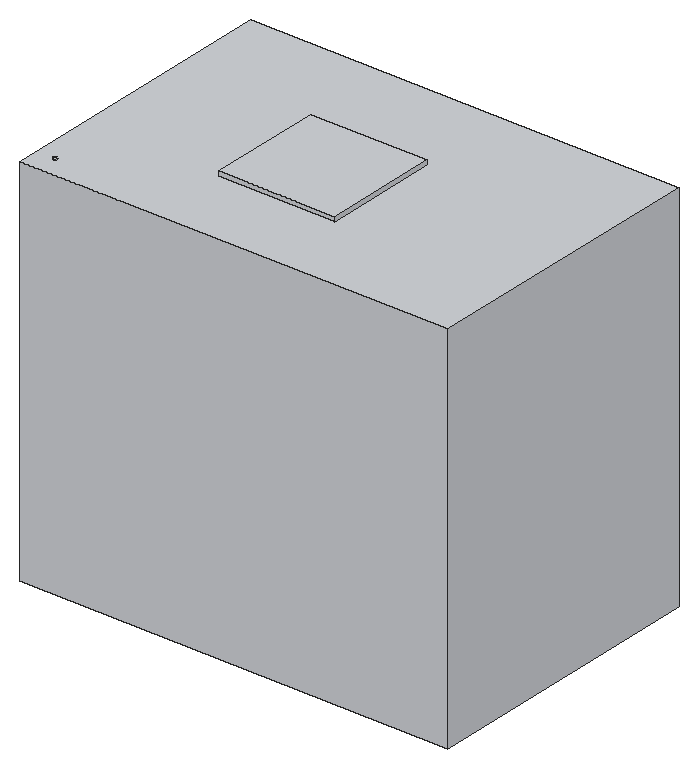
Revit family "ce8bcd05fdd8495f80f77c7297ea9ccf", category Mechanical Equipment, Revit 2021
Family settings
  Round Connector Dimension = Use Radius
  Part Type = Normal
  OmniClass Number = 23.75.10.24.21.27.11
  OmniClass Title = Packaged Air Conditioners
  Seek Item ID = Air Conditioner - Vertical Packaged - Air Cooled - 20-60 Tons-0000-USA-ENU
  Work Plane-Based = No
  Always vertical = Yes
  Cut with Voids When Loaded = No
  Shared = No
  Room Calculation Point = No
Parameters (values of type "35 Tons")
  Voltage = 460 V
  Outlet Radius = 9/16"
  Outlet Diameter = Outlet Radius * 2  # 1 1/8"
  Number of Poles = 3
  Material = none
  Load Classification = Cooling
  Inlet Radius = 7/16"
  Inlet Diameter = Inlet Radius * 2  # 7/8"
  Duct Width 2 = 82 5/8"
  Duct Width 1 = 26 51/256"
  Duct Height 2 = 58 1/2"
  Duct Height 1 = 25 205/256"
  Default Elevation = 0' - 0"
  Conditioner Width = 5' - 5"
  Conditioner Length = 8' - 0 3/8"
  Conditioner Height = 7' - 0 5/8"
  Condensate Radius = 5/8"
  Condensate Diameter = Condensate Radius * 2  # 1 1/4"
  C8 Offset 2 = 1' - 11 1/2"
  C8 Offset 1 = 0' - 8"
  C7 Offset 2 = 1' - 9 77/256"
  C7 Offset 1 = 2' - 6 1/2"
  C6 Offset 2 = 0' - 4 3/4"
  C6 Offset 1 = 0' - 4"
  C5 Offset 1 = 3' - 5 7/8"
  C4 Offset 1 = 3' - 2 7/8"
  C3 Offset 1 = 2' - 11 3/8"
  C2 Offset 2 = 0' - 3"
  C2 Offset 1 = 2' - 5 3/8"
  C1 Offset 2 = 1' - 0 1/8"
  C1 Offset 1 = 0' - 5"
  Apparent Load = 14914 VA
  Air Flow [instance] = 15200 CFM
Types (9): name | Duct Width 2 | Duct Width 1 | Duct Height 2 | Duct Height 1 | Conditioner Width | Conditioner Length | Conditioner Height | C8 Offset 2 | C7 Offset 2 | C7 Offset 1 | C6 Offset 2 | C6 Offset 1 | C5 Offset 1 | C4 Offset 1 | C3 Offset 1 | C2 Offset 1 | C1 Offset 2 | C1 Offset 1 | Apparent Load | Air Flow
  (no name) | 82 5/8" | 26 51/256" | 58 1/2" | 25 205/256" | 5' - 5" | 8' - 0 3/8" | 7' - 0 5/8" | 1' - 11 1/2" | 1' - 9 77/256" | 2' - 6 1/2" | 0' - 4 3/4" | 0' - 4" | 3' - 5 7/8" | 3' - 2 7/8" | 2' - 11 3/8" | 2' - 5 3/8" | 1' - 0 1/8" | 0' - 5" | 14914 VA | 15200 CFM
  20 Tons | 82 5/8" | 23 205/256" | 58 1/2" | 22 51/128" | 5' - 5" | 8' - 0 3/8" | 7' - 0 5/8" | 1' - 11 1/2" | 2' - 3" | 2' - 7 1/2" | 0' - 4 3/4" | 0' - 4" | 3' - 5 7/8" | 3' - 2 7/8" | 2' - 11 3/8" | 2' - 5 3/8" | 1' - 0 1/8" | 0' - 5" | 14914 VA | 10000 CFM
  40 Tons | 105 1/8" | 33" | 71 1/8" | 31 1/2" | 6' - 8 3/8" | 10' - 0 1/2" | 7' - 4" | 1' - 2 1/4" | 2' - 7 1/2" | 3' - 7 205/256" | 0' - 5 1/2" | 0' - 4 3/4" | 3' - 10 5/8" | 3' - 6 3/4" | 3' - 2 5/8" | 3' - 0 5/8" | 0' - 9 1/4" | 0' - 6" | 22371 VA | 18400 CFM
  25 Tons | 82 5/8" | 23 1/2" | 58 1/2" | 20 51/128" | 5' - 5" | 8' - 0 3/8" | 7' - 0 5/8" | 1' - 11 1/2" | 1' - 11 51/256" | 2' - 7 1/2" | 0' - 4 3/4" | 0' - 4" | 3' - 5 7/8" | 3' - 2 7/8" | 2' - 11 3/8" | 2' - 5 3/8" | 1' - 0 1/8" | 0' - 5" | 14914 VA | 11600 CFM
  29 Tons | 82 5/8" | 23 1/2" | 58 1/2" | 20 51/128" | 5' - 5" | 8' - 0 3/8" | 7' - 0 5/8" | 1' - 11 1/2" | 1' - 11 51/256" | 2' - 7 115/128" | 0' - 4 3/4" | 0' - 4" | 3' - 5 7/8" | 3' - 2 7/8" | 2' - 11 3/8" | 2' - 5 3/8" | 1' - 0 1/8" | 0' - 5" | 14914 VA | 12800 CFM
  30 Tons | 82 5/8" | 26 51/256" | 58 1/2" | 25 205/256" | 5' - 5" | 8' - 0 3/8" | 7' - 0 5/8" | 1' - 11 1/2" | 1' - 9 77/256" | 2' - 6 1/2" | 0' - 4 3/4" | 0' - 4" | 3' - 5 7/8" | 3' - 2 7/8" | 2' - 11 3/8" | 2' - 5 3/8" | 1' - 0 1/8" | 0' - 5" | 14914 VA | 14000 CFM
  35 Tons | 82 5/8" | 26 51/256" | 58 1/2" | 25 205/256" | 5' - 5" | 8' - 0 3/8" | 7' - 0 5/8" | 1' - 11 1/2" | 1' - 9 77/256" | 2' - 6 1/2" | 0' - 4 3/4" | 0' - 4" | 3' - 5 7/8" | 3' - 2 7/8" | 2' - 11 3/8" | 2' - 5 3/8" | 1' - 0 1/8" | 0' - 5" | 14914 VA | 15200 CFM
  50 Tons | 105 1/8" | 33" | 71 1/8" | 31 1/2" | 6' - 8 3/8" | 10' - 0 1/2" | 7' - 4" | 1' - 2 1/4" | 2' - 7 1/2" | 3' - 7 205/256" | 0' - 5 1/2" | 0' - 4 3/4" | 3' - 10 5/8" | 3' - 6 3/4" | 3' - 2 5/8" | 3' - 0 5/8" | 0' - 9 1/4" | 0' - 6" | 22371 VA | 23200 CFM
  60 Tons | 105 1/8" | 33 1/2" | 71 1/8" | 34 1/2" | 6' - 8 3/8" | 10' - 0 1/2" | 7' - 4" | 1' - 2 1/4" | 2' - 4 77/128" | 3' - 7 1/2" | 0' - 5 1/2" | 0' - 4 3/4" | 3' - 10 5/8" | 3' - 6 3/4" | 3' - 2 5/8" | 3' - 0 5/8" | 0' - 9 1/4" | 0' - 6" | 22371 VA | 29800 CFM
Reference planes (in)
  plane 1 "Center (Front/Back)": y = 0
  plane 2: z = 0
  plane 3 "Center (Left/Right)": x = 0
  plane 4: y = 65
  plane 5: x = 96.375
  plane 6: z = 84.625
  plane 7: z = 12.125
  plane 8: y = 60
  plane 9: z = 3
  plane 10: y = 35.625
  plane 11: y = 29.625
  plane 12: y = 26.125
  plane 13: y = 23.125
  plane 14: x = -1
  plane 15: y = 4.75
  plane 16: x = 4
  plane 17: z = 83.625
  plane 18: x = 30.5
  plane 19: x = 56.69922
  plane 20: y = 43.69922
  plane 21: y = 17.89844
  plane 22: z = 85.625
Forms (in)
  Extrusion 1, solid, material <- "Material"
    sketch origin (0, 0, 0) x (1, 0, 0) y (0, 1, 0)
      loop
        line (0, 65) -> (0, 0) -> (96.375, 0) -> (96.375, 65) -> (0, 65)
    from 0 to 84.625
  Extrusion 2, solid, material <- "Material"
    sketch origin (0, 0, 0) x (0, 1, 0) y (0, 0, 1)
      loop
        circle (60, 12.125) r 0.625
    from -1 to 0
  Extrusion 3, solid, material <- "Material"
    sketch origin (0, 0, 0) x (0, 1, 0) y (0, 0, 1)
      loop
        circle (35.625, 3) r 0.4375
    from -1 to 0
  Extrusion 4, solid, material <- "Material"
    sketch origin (0, 0, 0) x (0, 1, 0) y (0, 0, 1)
      loop
        circle (29.625, 3) r 0.5625
    from -1 to 0
  Extrusion 5, solid, material <- "Material"
    sketch origin (0, 0, 0) x (0, 1, 0) y (0, 0, 1)
      loop
        circle (26.125, 3) r 0.4375
    from -1 to 0
  Extrusion 6, solid, material <- "Material"
    sketch origin (0, 0, 0) x (0, 1, 0) y (0, 0, 1)
      loop
        circle (23.125, 3) r 0.5625
    from -1 to 0
  Extrusion 7, solid, material <- "Material"
    sketch origin (0, 0, 0) x (1, 0, 0) y (0, 1, 0)
      loop
        circle (4, 4.75) r 0.5
    from 83.625 to 84.625
  Extrusion 8, solid
    sketch origin (0, 0, 0) x (1, 0, 0) y (0, 1, 0)
      loop
        line (30.5, 43.69922) -> (30.5, 17.89844) -> (56.69922, 17.89844) -> (56.69922, 43.69922) -> (30.5, 43.69922)
    from 84.625 to 85.625
  Extrusion 9, solid
    sketch origin (-29.32328, 65, 48) x (-1, 0, 0) y (0, 0, 1)
      loop
        line (-119.94828, 34) -> (-119.94828, -24.5) -> (-37.32328, -24.5) -> (-37.32328, 34) -> (-119.94828, 34)
    from 0 to 1
Dimensions and locks (in)
  "Conditioner Length": plane 3 "Center (Left/Right)" to plane 5
  "Conditioner Height": plane 6 to plane 2
  "C1 Offset 1": plane 4 to plane 8
  "C1 Offset 2": plane 7 to plane 2
  "C2 Offset 2": plane 9 to plane 2
  "C2 Offset 1": plane 4 to plane 10
  "C3 Offset 1": plane 4 to plane 11
  "C4 Offset 1": plane 4 to plane 12
  "C5 Offset 1": plane 4 to plane 13
  locked: plane 14 to plane 3 "Center (Left/Right)" at 1
  "C6 Offset 1": plane 3 "Center (Left/Right)" to plane 16
  "C6 Offset 2": plane 15 to plane 1 "Center (Front/Back)"
  locked: plane 6 to plane 17 at 1
  "C7 Offset 1": plane 3 "Center (Left/Right)" to plane 18
  "Duct Width 1": plane 18 to plane 19
  "Conditioner Width": plane 1 "Center (Front/Back)" to plane 4
  "C7 Offset 2": plane 4 to plane 20
  "Duct Height 1": plane 20 to plane 21
  plane 1 "Center (Front/Back)" to Extrusion 8 = 3' - 7 179/256"
  "C8 Offset 2": plane 2 to Extrusion 9 sketch curve
  plane 5 to plane 3 "Center (Left/Right)" = 8' - 0 3/8"
  "Duct Width 2": Extrusion 9 sketch curve to Extrusion 9 sketch curve
  "C8 Offset 1": Extrusion 9 sketch curve to plane 3 "Center (Left/Right)"
  "Duct Height 2": Extrusion 9 sketch curve to Extrusion 9 sketch curve
  locked: plane 22 to plane 6 at 1
  "Condensate Radius": radius of Extrusion 2 sketch curve
  "Inlet Radius": radius of Extrusion 3 sketch curve
  "Outlet Radius": radius of Extrusion 4 sketch curve
  "Inlet Radius": radius of Extrusion 5 sketch curve
  "Outlet Radius": radius of Extrusion 6 sketch curve
  radius of Extrusion 7 sketch curve = 0' - 0 1/2"
  aligned and locked: Extrusion 1 to plane 4
  aligned and locked: plane 1 "Center (Front/Back)" to Extrusion 1
  aligned and locked: Extrusion 1 to plane 3 "Center (Left/Right)"
  aligned and locked: plane 5 to Extrusion 1
  aligned and locked: plane 6 to Extrusion 1
  aligned and locked: Extrusion 1 to plane 2
  aligned and locked: plane 8 to Extrusion 2 sketch curve
  aligned and locked: plane 7 to Extrusion 2 sketch curve
  aligned and locked: plane 9 to Extrusion 3 sketch curve
  aligned and locked: plane 10 to Extrusion 3 sketch curve
  aligned and locked: plane 9 to Extrusion 4 sketch curve
  aligned and locked: plane 11 to Extrusion 4 sketch curve
  aligned and locked: plane 9 to Extrusion 5 sketch curve
  aligned and locked: plane 12 to Extrusion 5 sketch curve
  aligned and locked: plane 9 to Extrusion 6 sketch curve
  aligned and locked: plane 13 to Extrusion 6 sketch curve
  aligned and locked: Extrusion 2 to plane 14
  aligned and locked: Extrusion 3 to plane 14
  aligned and locked: Extrusion 4 to plane 14
  aligned and locked: Extrusion 5 to plane 14
  aligned and locked: Extrusion 6 to plane 14
  aligned and locked: plane 3 "Center (Left/Right)" to Extrusion 2
  aligned and locked: plane 3 "Center (Left/Right)" to Extrusion 3
  aligned and locked: plane 3 "Center (Left/Right)" to Extrusion 4
  aligned and locked: plane 3 "Center (Left/Right)" to Extrusion 5
  aligned and locked: plane 3 "Center (Left/Right)" to Extrusion 6
  aligned and locked: plane 15 to Extrusion 7 sketch curve
  aligned and locked: plane 16 to Extrusion 7 sketch curve
  aligned and locked: plane 6 to Extrusion 7
  aligned and locked: Extrusion 7 to plane 17
  aligned and locked: plane 18 to Extrusion 8 sketch curve
  aligned and locked: Extrusion 8 sketch curve to plane 20
  aligned and locked: plane 21 to Extrusion 8 sketch curve
  aligned and locked: Extrusion 8 sketch curve to plane 19
  aligned and locked: Extrusion 8 to plane 6
  aligned and locked: Extrusion 9 to Extrusion 1
  aligned and locked: Extrusion 8 to plane 22
Automatic sketch dimensions
  plane 3 "Center (Left/Right)" to Extrusion 1 sketch curve = 0' - 0"
  Extrusion 1 sketch curve to plane 1 "Center (Front/Back)" = 0' - 0"
  Extrusion 1 sketch curve to plane 5 = 0' - 0"
  Extrusion 1 sketch curve to plane 4 = 0' - 0"
Connectors (in)
  piping at (-1, 60, 12.125), diameter 1.25, driven by "Condensate Radius"
    settings: on Extrusion 2, index 1, connector inside diameter 1 1/4", connector length 0' - 0", flow factor 0, pipe flow 0 GPM, pressure drop 0.00 psi, fitting loss kfactor 0, connector angle 0.00°, fixture units 0, engagement length 0' - 0", angle of deflection 0.00°, flow configuration 1, flow direction 2, fitting loss method 0, system type 16, joint type 0, gender type 0, connector reference index -1, connector utility 0, adjustable connector yes, is connector primary yes, connector description "Drain Out"
  piping at (-1, 35.625, 3), diameter 0.875, driven by "Inlet Radius"
    settings: on Extrusion 3, index 2, connector inside diameter 7/8", connector length 0' - 0", flow factor 0, pipe flow 0 GPM, pressure drop 0.00 psi, fitting loss kfactor 0, connector angle 0.00°, fixture units 0, engagement length 0' - 0", angle of deflection 0.00°, flow configuration 1, flow direction 1, fitting loss method 0, system type 22, joint type 0, gender type 0, connector reference index 3, connector utility 0, adjustable connector yes, is connector primary no, connector description "Cryogen In"
  piping at (-1, 29.625, 3), diameter 1.125, driven by "Outlet Radius"
    settings: on Extrusion 4, index 3, connector inside diameter 1 1/8", connector length 0' - 0", flow factor 0, pipe flow 0 GPM, pressure drop 0.00 psi, fitting loss kfactor 0, connector angle 0.00°, fixture units 0, engagement length 0' - 0", angle of deflection 0.00°, flow configuration 1, flow direction 2, fitting loss method 0, system type 22, joint type 0, gender type 0, connector reference index 2, connector utility 0, adjustable connector no, is connector primary no, connector description "Cryogen Out"
  piping at (-1, 26.125, 3), diameter 0.875, driven by "Inlet Radius"
    settings: on Extrusion 5, index 4, connector inside diameter 7/8", connector length 0' - 0", flow factor 0, pipe flow 0 GPM, pressure drop 0.00 psi, fitting loss kfactor 0, connector angle 0.00°, fixture units 0, engagement length 0' - 0", angle of deflection 0.00°, flow configuration 1, flow direction 1, fitting loss method 0, system type 22, joint type 0, gender type 0, connector reference index 5, connector utility 0, adjustable connector no, is connector primary no, connector description "Cryogen In"
  piping at (-1, 23.125, 3), diameter 1.125, driven by "Outlet Radius"
    settings: on Extrusion 6, index 5, connector inside diameter 1 1/8", connector length 0' - 0", flow factor 0, pipe flow 0 GPM, pressure drop 0.00 psi, fitting loss kfactor 0, connector angle 0.00°, fixture units 0, engagement length 0' - 0", angle of deflection 0.00°, flow configuration 1, flow direction 2, fitting loss method 0, system type 22, joint type 0, gender type 0, connector reference index 4, connector utility 0, adjustable connector no, is connector primary no, connector description "Cryogen Out"
  electrical at (4, 4.75, 84.625), driven by "Apparent Load", driven by "Voltage", driven by "Number of Poles", driven by "Load Classification"
    settings: on Extrusion 7, index 6, voltage 460 V, apparent load 14914 VA, apparent load phase1 0 VA, apparent load phase2 0 VA, apparent load phase3 0 VA, power factor 0.8, load classification "Cooling", number of poles 3, system type 30, power factor state 1, is connector primary yes, connector utility no, sub classification motor no, connector description ""
  hvac at (43.59961, 30.79883, 85.625), driven by "Air Flow", driven by "Duct Height 1", driven by "Duct Width 1"
    settings: on Extrusion 8, index 7, duct flow 15200 CFM, flow factor 0, pres drop 0.00 in-wg, loss coef 0, conn angle 0.00°, conn width 26 51/256", conn height 25 205/256", conn diameter 24", duct sys type 1, conn prof type 1, flow config 0, flow direction 2, loss method 0, conn ref index 8, conn util no, is conn primary yes, conn desc ""
  hvac at (49.3125, 66, 52.75), driven by "Air Flow", driven by "Duct Height 2", driven by "Duct Width 2"
    settings: on Extrusion 9, index 8, duct flow 15200 CFM, flow factor 0, pres drop 0.00 in-wg, loss coef 0, conn angle 0.00°, conn width 82 5/8", conn height 58 1/2", conn diameter 24", duct sys type 2, conn prof type 1, flow config 0, flow direction 1, loss method 0, conn ref index 7, conn util no, is conn primary no, conn desc ""
